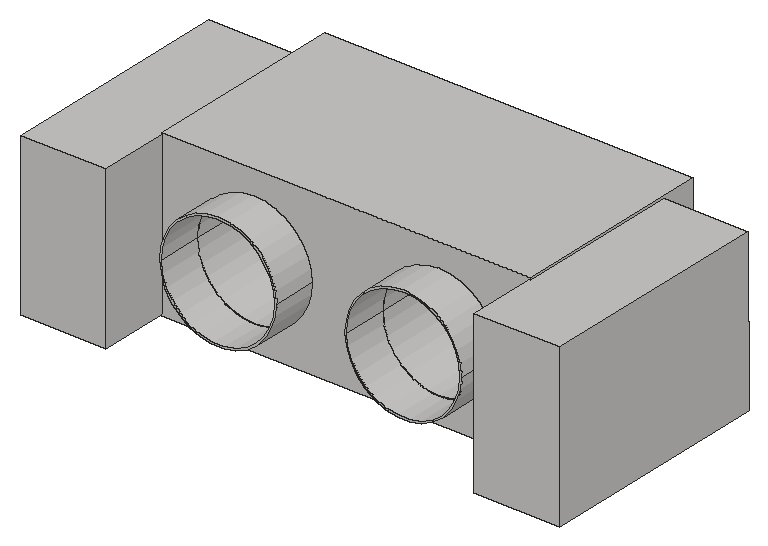
Revit family
Parameters
  Width = 2' - 4 1/8"
  Unit Weight = "52.0 lbs"
  URL = "http://www.titus-hvac.com/"
  UL = "181"
  SteriLoc Liner = Liner Option = 3  # no
  Outlet Width = Width  # 2' - 4 1/8"
  Outlet Height = Height  # 1' - 0 1/2"
  Nominal Width = Width + 1' 1"  # 3' - 5 1/8"
  Nominal Length = Length + Inlet Length  # 1' - 8 7/8"
  Nominal Inlet Size = 0' - 9"
  Nominal Height = 1' - 0 1/2"
  NFPA = "90A"
  Model = "DEDV"
  Min. Air Flow = 0 CFM
  Max. Air Flow = 1050 CFM
  Material = Steel
  Manufacturer = "Titus"
  Length = 1' - 3 1/2"
  Inlet Void Radius = Inlet Radius - 0' 0 1/8"  # 0' - 4 5/16"
  Inlet Radius = Inlet Diameter / 2  # 0' - 4 7/16"
  Inlet Offset = 1' - 2 1/8"
  Inlet Length = 0' - 5 3/8"
  Inlet Diameter = Nominal Inlet Size - 0' 0 1/8"  # 0' - 8 7/8"
  Height = 1' - 0 1/2"
  Heat Air Pressure Drop [instance] = 0.00 in-wg
  Heat Air Flow [instance] = 0 CFM
  Fiber Free Liner = Liner Option = 2  # no
  Duct Radius = Nominal Inlet Size / 2  # 0' - 4 1/2"
  Design Air Flow [instance] = 0 CFM
  Description = "Dual Duct Terminal Unit, Direct Digital Control, Pressure Independent, without Integral Mixer/Attenuator"
  Liner Option = 0
  Cool Air Pressure Drop [instance] = 0.00 in-wg
  Cool Air Flow [instance] = 0 CFM
  Control Box Offset = 0' - 3 3/8"
  CADworks URL = "www.CADworks.net"
  Assembly Code = "D3040100"
  1/2" Fiberglass Liner = Liner Option = 0  # yes
  1" Fiberglass Liner = Liner Option = 1  # no
Reference planes (in)
  plane 1 "Center (Front/Back)": y = 0
  plane 2: z = 0
  plane 3 "Center (Left/Right)": x = 0
  plane 4: y = 7.75
  plane 5: y = -7.75
  plane 6: x = 14.0625
  plane 7: x = -14.0625
  plane 8: z = 6.25
  plane 9: z = -6.25
  plane 10: y = -13.125
  plane 11: x = -7.0625
  plane 12: x = 7.0625
  plane 13: y = -11.125
  plane 14: x = 20.5625
  plane 15: x = -20.5625
Forms (in)
  Extrusion 1, solid, material "Steel" <- "Material"
    sketch origin (33, 0, -4) x (1, 0, 0) y (0, 1, 0)
      loop
        line (-47.0625, 7.75) -> (-47.0625, -7.75) -> (-18.9375, -7.75) -> (-18.9375, 7.75) -> (-47.0625, 7.75)
    from -2.25 to 10.25
  Extrusion 2, solid, material "Steel" <- "Material"
    sketch origin (4.46221, 44.62435, -28.76939) x (1, 0, 0) y (0, 0, 1)
      loop
        line (9.60029, 34.89439) -> (9.60029, 22.64439) -> (16.10029, 22.64439) -> (16.10029, 34.89439) -> (9.60029, 34.89439)
    from 39.74935 to 57.74935
  Extrusion 3, solid, material "Steel" <- "Material"
    sketch origin (13.94938, 6.875, -28.76939) x (-1, 0, 0) y (0, 0, -1)
      loop
        line (28.01188, -34.89439) -> (34.51188, -34.89439) -> (34.51188, -22.64439) -> (28.01188, -22.64439) -> (28.01188, -34.89439)
    from 2 to 20
  Extrusion 4, solid, material "Steel" <- "Material"
    sketch origin (8.5, -16.75, 0) x (1, 0, 0) y (0, 0, 1)
      loop
        circle (-15.5625, 0) r 4.4375
    from -9 to -5.625
  Extrusion 5, solid, material "Steel" <- "Material"
    sketch origin (10.625, -7.75, 0) x (1, 0, 0) y (0, 0, 1)
      loop
        circle (-3.5625, 0) r 4.4375
    from 0 to 3.375
  Extrusion 6, void
    sketch origin (0, 0, 0) x (1, 0, 0) y (0, 0, 1)
      loop
        circle (-7.0625, 0) r 4.3125
    from 1.125 to 11.125
  Extrusion 7, void
    sketch origin (0, 0, 0) x (1, 0, 0) y (0, 0, 1)
      loop
        circle (7.0625, 0) r 4.3125
    from 1.125 to 11.125
Cuts and joins
  Extrusion 6, Extrusion 7 cuts Extrusion 1
  Extrusion 6 cuts Extrusion 4
  Extrusion 7 cuts Extrusion 5
Dimensions and locks (in)
  "Height": plane 8 to plane 9
  equal spacing: plane 8, plane 2, plane 9
  "Width": plane 7 to plane 6
  equal spacing: plane 7, plane 3 "Center (Left/Right)", plane 6
  "Length": plane 4 to plane 5
  equal spacing: plane 4, plane 1 "Center (Front/Back)", plane 5
  locked: Extrusion 2 to Extrusion 2 at 18
  locked: Extrusion 2 sketch curve to Extrusion 2 sketch curve at 6.5
  locked: Extrusion 2 sketch curve to Extrusion 2 sketch curve at 12.25
  equal spacing: Extrusion 2 sketch curve, plane 2, Extrusion 2 sketch curve
  locked: Extrusion 3 to Extrusion 3 at 18
  locked: Extrusion 3 sketch curve to Extrusion 3 sketch curve at 6.5
  locked: Extrusion 3 sketch curve to Extrusion 3 sketch curve at 12.25
  equal spacing: Extrusion 3 sketch curve, plane 2, Extrusion 3 sketch curve
  "Inlet Length": plane 5 to plane 10
  "Inlet Offset": plane 12 to plane 11
  equal spacing: plane 12, plane 3 "Center (Left/Right)", plane 11
  "Control Box Offset": plane 5 to plane 13
  "Inlet Radius": plane 11 to cut or joined group of Extrusion 4, Extrusion 6
  "Inlet Radius": plane 12 to cut or joined group of Extrusion 5, Extrusion 7
  "Inlet Radius": radius of Extrusion 4 sketch curve
  "Inlet Radius": radius of Extrusion 5 sketch curve
  "Inlet Void Radius": radius of Extrusion 6 sketch curve
  "Inlet Void Radius": radius of Extrusion 7 sketch curve
  aligned and locked: plane 4 to Extrusion 1
  aligned and locked: plane 7 to Extrusion 1
  aligned and locked: plane 5 to Extrusion 1
  aligned and locked: plane 6 to Extrusion 1
  aligned and locked: plane 8 to Extrusion 1
  aligned and locked: plane 9 to Extrusion 1
  aligned and locked: plane 10 to Extrusion 2
  aligned and locked: plane 10 to Extrusion 3
  aligned and locked: plane 13 to Extrusion 4
  aligned and locked: plane 5 to Extrusion 4
  aligned and locked: plane 13 to Extrusion 5
  aligned and locked: plane 5 to Extrusion 5
  aligned and locked: Extrusion 6 to plane 13
  aligned and locked: plane 13 to cut or joined group of Extrusion 4, Extrusion 6
  aligned and locked: plane 13 to cut or joined group of Extrusion 5, Extrusion 7  (x2)
  aligned and locked: Extrusion 7 to plane 13
  aligned and locked: Extrusion 2 to cut or joined group of Extrusion 1, Extrusion 6, Extrusion 7
  aligned and locked: plane 6 to cut or joined group of Extrusion 1, Extrusion 6, Extrusion 7
  aligned and locked: Extrusion 3 to cut or joined group of Extrusion 1, Extrusion 6, Extrusion 7
  aligned and locked: cut or joined group of Extrusion 1, Extrusion 6, Extrusion 7 to plane 7
Automatic sketch dimensions
  Extrusion 1 sketch curve to plane 5 = 0' - 0"
  plane 7 to Extrusion 1 sketch curve = 0' - 0"
  plane 6 to Extrusion 1 sketch curve = 0' - 0"
  Extrusion 1 sketch curve to plane 4 = 0' - 0"
  plane 6 to Extrusion 2 sketch curve = 0' - 0"
  Extrusion 3 sketch curve to plane 7 = 0' - 0"
  Extrusion 4 sketch curve to level = 0' - 0"
  Extrusion 4 sketch curve to plane 11 = 0' - 0"
  Extrusion 5 sketch curve to level = 0' - 0"
  Extrusion 5 sketch curve to plane 12 = 0' - 0"
  Extrusion 6 sketch curve to level = 0' - 0"
  Extrusion 6 sketch curve to plane 11 = 0' - 0"
  Extrusion 7 sketch curve to level = 0' - 0"
  Extrusion 7 sketch curve to plane 12 = 0' - 0"
Connectors (in)
  hvac at (-7.0625, -11.125, 0), driven by "Duct Radius", driven by "Heat Air Pressure Drop", driven by "Heat Air Flow"
    settings: on cut or joined group of Extrusion 4, Extrusion 6, index 1
  hvac at (7.0625, -11.125, 0), driven by "Duct Radius", driven by "Cool Air Pressure Drop", driven by "Cool Air Flow"
    settings: on cut or joined group of Extrusion 5, Extrusion 7, index 2
  hvac at (0, 7.75, 0), driven by "Outlet Height", driven by "Outlet Width", driven by "Design Air Flow"
    settings: on cut or joined group of Extrusion 1, Extrusion 6, Extrusion 7, index 3
